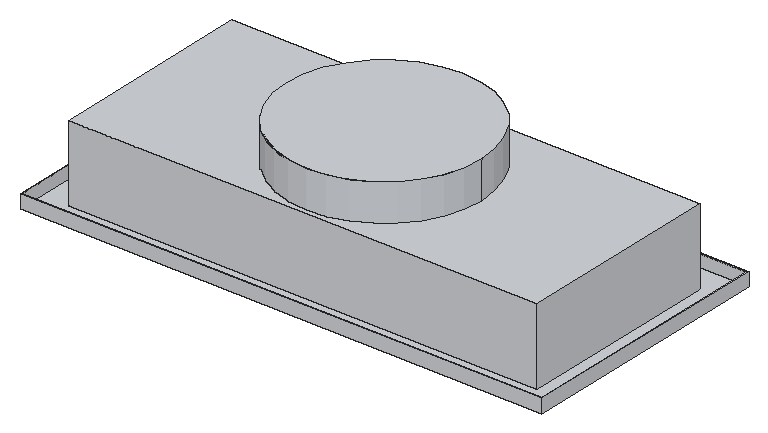
Revit family "MV-1T - Top Inlet", category Mechanical Equipment, Revit 2018
Family settings
  Round Connector Dimension = Use Radius
  Part Type = Normal
  OmniClass Number = 23.75.00.00
  OmniClass Title = Climate Control (HVAC)
  Work Plane-Based = No
  Always vertical = Yes
  Cut with Voids When Loaded = No
  Shared = No
  Room Calculation Point = No
Parameters (values of type "MV-1T - 12x24, 9" Round Top Inlet")
  URL = "http://www.anemostat-hvac.com"
  Plenum Length = 21 5/16"
  Module Length = 24"
  Module Width = 12"
  Model = "MV-1T (Top Inlet)"
  Manufacturer = "Anemostat"
  Inlet Size = Duct Size  # 8 7/8"
  Inlet Radius = Inlet Size / 2  # 4 7/16"
  Duct Size = 8 7/8"
  Duct Radius = Duct Size / 2  # 4 7/16"
  Diff Length = Module Length - 1/4"  # 23 3/4"
  Diff Width = Module Width - 1/4"  # 11 3/4"
  CenterV = Diff Length / 2  # 11 7/8"
  CenterH = Diff Width / 2  # 5 7/8"
Types (20): name | Plenum Length | Module Length | Module Width | Inlet Size | Inlet Radius | Duct Size | Duct Radius | Diff Length | Diff Width | CenterV | CenterH
  (no name) | 21 5/16" | 24" | 12" | 8 7/8" | 4 7/16" | 8 7/8" | 4 7/16" | 23 3/4" | 11 3/4" | 11 7/8" | 5 7/8"
  MV-1T - 24x48, 18" Round Top Inlet | 43 5/16" | 48" | 24" | 17 7/8" | 8 15/16" | 17 7/8" | 8 15/16" | 47 3/4" | 23 3/4" | 23 7/8" | 11 7/8"
  MV-1T - 8x24, 5" Round Top Inlet | 21 5/16" | 24" | 8" | 4 7/8" | 2 7/16" | 4 7/8" | 2 7/16" | 23 3/4" | 7 3/4" | 11 7/8" | 3 7/8"
  MV-1T - 24x36, 18" Round Top Inlet | 31 5/16" | 36" | 24" | 17 7/8" | 8 15/16" | 17 7/8" | 8 15/16" | 35 3/4" | 23 3/4" | 17 7/8" | 11 7/8"
  MV-1T - 24x60, 18" Round Top Inlet | 55 5/16" | 60" | 24" | 17 7/8" | 8 15/16" | 17 7/8" | 8 15/16" | 59 3/4" | 23 3/4" | 29 7/8" | 11 7/8"
  MV-1T - 24x72, 18" Round Top Inlet | 67 5/16" | 72" | 24" | 17 7/8" | 8 15/16" | 17 7/8" | 8 15/16" | 71 3/4" | 23 3/4" | 35 7/8" | 11 7/8"
  MV-1T - 36x72, 18" Round Top Inlet | 67 5/16" | 72" | 36" | 17 7/8" | 8 15/16" | 17 7/8" | 8 15/16" | 71 3/4" | 35 3/4" | 35 7/8" | 17 7/8"
  MV-1T - 36x60, 18" Round Top Inlet | 55 5/16" | 60" | 36" | 17 7/8" | 8 15/16" | 17 7/8" | 8 15/16" | 59 3/4" | 35 3/4" | 29 7/8" | 17 7/8"
  MV-1T -36x48, 18" Round Top Inlet | 43 5/16" | 48" | 36" | 17 7/8" | 8 15/16" | 17 7/8" | 8 15/16" | 47 3/4" | 35 3/4" | 23 7/8" | 17 7/8"
  MV-1T -36x36, 18" Round Top Inlet | 31 5/16" | 36" | 36" | 17 7/8" | 8 15/16" | 17 7/8" | 8 15/16" | 35 3/4" | 35 3/4" | 17 7/8" | 17 7/8"
  MV-1T - 12x48, 9" Round Top Inlet | 43 5/16" | 48" | 12" | 8 7/8" | 4 7/16" | 8 7/8" | 4 7/16" | 47 3/4" | 11 3/4" | 23 7/8" | 5 7/8"
  MV-1T - 12x60, 9" Round Top Inlet | 55 5/16" | 60" | 12" | 8 7/8" | 4 7/16" | 8 7/8" | 4 7/16" | 59 3/4" | 11 3/4" | 29 7/8" | 5 7/8"
  MV-1T - 12x72, 9" Round Top Inlet | 67 5/16" | 72" | 12" | 8 7/8" | 4 7/16" | 8 7/8" | 4 7/16" | 71 3/4" | 11 3/4" | 35 7/8" | 5 7/8"
  MV-1T - 12x36, 9" Round Top Inlet | 31 5/16" | 36" | 12" | 8 7/8" | 4 7/16" | 8 7/8" | 4 7/16" | 35 3/4" | 11 3/4" | 17 7/8" | 5 7/8"
  MV-1T - 12x24, 9" Round Top Inlet | 21 5/16" | 24" | 12" | 8 7/8" | 4 7/16" | 8 7/8" | 4 7/16" | 23 3/4" | 11 3/4" | 11 7/8" | 5 7/8"
  MV-1T - 24x24, 18" Round Top Inlet | 31 5/16" | 24" | 24" | 17 7/8" | 8 15/16" | 17 7/8" | 8 15/16" | 23 3/4" | 23 3/4" | 11 7/8" | 11 7/8"
  MV-1T - 8x72, 5" Round Top Inlet | 67 5/16" | 72" | 8" | 4 7/8" | 2 7/16" | 4 7/8" | 2 7/16" | 71 3/4" | 7 3/4" | 35 7/8" | 3 7/8"
  MV-1T - 8x36, 5" Round Top Inlet | 21 5/16" | 36" | 8" | 4 7/8" | 2 7/16" | 4 7/8" | 2 7/16" | 35 3/4" | 7 3/4" | 17 7/8" | 3 7/8"
  MV-1T - 8x48, 5" Round Top Inlet | 21 5/16" | 48" | 8" | 4 7/8" | 2 7/16" | 4 7/8" | 2 7/16" | 47 3/4" | 7 3/4" | 23 7/8" | 3 7/8"
  MV-1T - 8x60, 5" Round Top Inlet | 21 5/16" | 60" | 8" | 4 7/8" | 2 7/16" | 4 7/8" | 2 7/16" | 59 3/4" | 7 3/4" | 29 7/8" | 3 7/8"
Reference planes (in)
  plane 1 "Center (Front/Back)": y = 0
  plane 2: z = 0
  plane 3 "Center (Left/Right)": x = 0
  plane 4: x = -11.875
  plane 5: x = 11.875
  plane 6 "Plenum Length Left": x = -10.65625
  plane 7 "Plenum Lenght Right": x = 10.65625
  plane 8: y = -5.875
  plane 9: y = 5.875
  plane 10: y = -4.65625
  plane 11: y = 4.65625
  plane 12: x = -10.65625
  plane 13: x = 10.65625
  plane 14 "Diff Top": z = 3.5
  plane 15: z = 4
  plane 16: z = 0.625
  plane 17: z = -0.9375
  plane 18: z = 3.5
Forms (in)
  Sweep 1, solid
    path origin (0, 0, 0) x (1, 0, 0) y (0, 1, 0)
      loop
        line (-10.65625, 4.65625) -> (-10.65625, -4.65625) -> (10.65625, -4.65625) -> (10.65625, 4.65625) -> (-10.65625, 4.65625)
    profile origin (0, 4.65625, 0) x (0, 1, 0) y (0, 0, 1)
      loop
        line (1.21875, 0.625) -> (1.18575, 0.625) -> (1.18575, 0.033) -> (0, 0.033) -> (0, 0) -> (1.21875, 0) -> (1.21875, 0.625)
  Extrusion 2, solid
    sketch origin (0, 0, 0) x (1, 0, 0) y (0, 1, 0)
      loop
        line (-10.65625, 4.65625) -> (-10.65625, -4.65625) -> (10.65625, -4.65625) -> (10.65625, 4.65625) -> (-10.65625, 4.65625)
    from 0 to 3.5
  Extrusion 3, solid
    sketch origin (0, 0, 3.5) x (1, 0, 0) y (0, 1, 0)
      loop
        circle (0, 0) r 4.4375
    from 0 to 1.6875
Dimensions and locks (in)
  "Diff Length": plane 5 to plane 4
  equal spacing: plane 5, plane 3 "Center (Left/Right)", plane 4
  "Diff Width": plane 8 to plane 9
  equal spacing: plane 8, plane 1 "Center (Front/Back)", plane 9
  locked: plane 8 to plane 10 at 1.21875
  locked: plane 11 to plane 9 at 1.21875
  locked: plane 12 to plane 4 at 1.21875
  locked: plane 5 to plane 13 at 1.21875
  "Plenum Length": plane 6 "Plenum Length Left" to plane 7 "Plenum Lenght Right"
  equal spacing: plane 6 "Plenum Length Left", plane 3 "Center (Left/Right)", plane 7 "Plenum Lenght Right"
  locked: plane 15 to plane 18 at 0.5
  "Inlet Radius": plane 18 to plane 17
  locked: plane 18 to level at 3.5
  "CenterV": Extrusion 3 sketch curve to plane 5
  "CenterH": Extrusion 3 sketch curve to plane 9
  "Inlet Radius": radius of Extrusion 3 sketch curve
  aligned and locked: plane 18 to Extrusion 2
Automatic sketch dimensions
  Sweep 1 sketch curve to plane 10 = 0"
  Sweep 1 sketch curve to plane 12 = 0"
  Sweep 1 sketch curve to plane 13 = 0"
  Sweep 1 sketch curve to plane 11 = 0"
  Sweep 1 sketch curve to level = 0"
  Sweep 1 sketch curve to profile plane = 0"
  Sweep 1 sketch curve to profile plane = 1.18575"
  Sweep 1 sketch curve to Sweep 1 sketch curve = 0.033"
  level to Sweep 1 sketch curve = 0.033"
  Sweep 1 sketch curve to Sweep 1 sketch curve = 0.592"
  Extrusion 2 sketch curve to plane 10 = 0"
  Extrusion 2 sketch curve to plane 12 = 0"
  Extrusion 2 sketch curve to plane 13 = 0"
  Extrusion 2 sketch curve to plane 11 = 0"
Connectors (in)
  hvac at (0, 0, 5.1875), driven by "Inlet Radius"
    settings: on Extrusion 3, index 1, duct flow 0 CFM, flow factor 0, pres drop 0.00 in-wg, loss coef 0, conn angle 0.00°, conn width 12", conn height 12", conn diameter 8 7/8", duct sys type 1, conn prof type 0, flow config 0, flow direction 0, loss method 0, conn ref index -1, conn util no, is conn primary yes, conn desc ""
